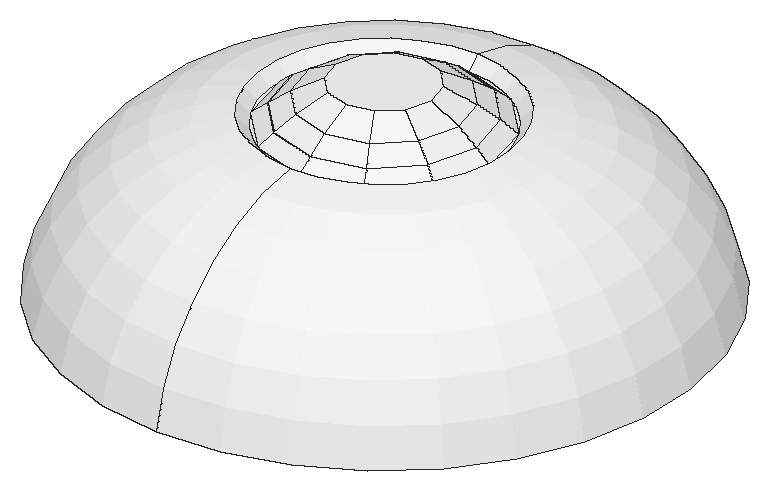
Revit family "OMNIDIA", category Communication Devices, host Face, Revit 2021
Family settings
  Host = Face
  Maintain Annotation Orientation = No
  Round Connector Dimension = Use Diameter
  Part Type = Normal
  OmniClass Number = 23.85.80.11.27
  OmniClass Title = Lighting Controls
  Cut with Voids When Loaded = No
  Shared = Yes
  Room Calculation Point = No
Parameters (values of type "OMNIDIA")
  Width = 4.50"
  Warranty = "5-Years Warranty"  # constant formula
  Voltage Rating = "24V"
  Type Comments = "CEILING MOUNT OCCUPANCY SENSORS"  # constant formula
  Product Page URL = ""
  Product Documentation Link = ""
  URL = "https://www.currentlighting.com/nxlightingcontrols"
  Mounting Height = "8 - 12 ft"
  Model = "OMNNIDIA"  # constant formula
  Manufacturer = " NX Lighting Controls"  # constant formula
  Sensing Element = Paint -  Matte White
  Features = "• IntelliDAPT® self-adaptive technology—no manual adjustment required\r\n• All-digital dual technology acoustic and passive infrared (PIR) sensor\r\n• Non-volatile memory for sensor settings\r\n• Low Voltage device: 24VDC\r\n• 450 square-foot coverage\r\n• Optional relay and photocell control\r\n• UL and cUL listed\r\n• 5 year warranty"  # constant formula
  Description = "The OMNIDIA combines passive infrared (PIR) and acoustic (sound-activated) technologies to turn lighting systems on and off based on occupancy. The OMNIDIA features Control Solutions' patented IntelliDAPT technology, which makes all the sensor adjustments automatically. Throughout the product's lifespan, smart software analyzes the controlled area and makes digital adjustments to sensitivity and timer settings. Occupancy sensors with IntelliDAPT provide a maintenance-free Install and Forget operation."  # constant formula
  Default Elevation = 48.00"
  Coverage = "450 sq ft"
  Copyright = "Copyright © NX Lighting Controls"  # constant formula
  Contact Us = ""
  Housing Material = Paint -  Matte White
  Certifications = "UL and cUL listed"
  Assembly Code = "D5090"
Reference planes (in)
  plane 1 "Center (Front/Back)": y = 10.63342
  plane 2: z = 0
  plane 3 "Center (Left/Right)": x = 0
  plane 4: x = -2.25
  plane 5: x = 2.25
  plane 6: y = 12.88342
  plane 7: y = 8.38342
  plane 8: z = 1.21
  plane 9: z = 1.5
Forms (in)
  Revolve 1, solid, material "Paint -  Matte White" <- "Housing Material"
    sketch origin (0, 10.63342, 0) x (0, 1, 0) y (0, 0, 1)
      loop
        line (0, 0) -> (2.26856, 0)
        arc (2.26856, 0) -> (1.81293, 0.86652) -> (0.93063, 1.29079) r 1.55971
        line (0.93063, 1.29079) -> (0.845, 1.20517) -> (0, 1.20517) -> (0, 0)
      axis (0, 1.29079) -> (0, 0)
    angle from 0 to 360
  Blend 2, solid, material "Paint -  Matte White" <- "Housing Material"
    base sketch origin (0, 0, 0) x (1, 0, 0) y (0, 1, 0)
      loop
        line (0, 11.47897) -> (-0.42278, 11.36569) -> (-0.73227, 11.05619) -> (-0.84555, 10.63342) -> (-0.73227, 10.21064) -> (-0.42278, 9.90115) -> (0, 9.78787) -> (0.42278, 9.90115) -> (0.73227, 10.21064) -> (0.84555, 10.63342) -> (0.73227, 11.05619) -> (0.42278, 11.36569) -> (0, 11.47897)
    top sketch origin (0, 0, 0) x (1, 0, 0) y (0, 1, 0)
      loop
        line (0, 11.36905) -> (-0.36781, 11.27049) -> (-0.63707, 11.00123) -> (-0.73563, 10.63342) -> (-0.63707, 10.26561) -> (-0.36781, 9.99635) -> (0, 9.89779) -> (0.36781, 9.99635) -> (0.63707, 10.26561) -> (0.73563, 10.63342) -> (0.63707, 11.00123) -> (0.36781, 11.27049) -> (0, 11.36905)
    from 1.20517 to 1.29079
  Blend 3, solid, material "Paint -  Matte White" <- "Sensing Element"
    base sketch origin (0, 0, 0) x (1, 0, 0) y (0, 1, 0)
      loop
        line (0, 11.36905) -> (-0.36781, 11.27049) -> (-0.63707, 11.00123) -> (-0.73563, 10.63342) -> (-0.63707, 10.26561) -> (-0.36781, 9.99635) -> (0, 9.89779) -> (0.36781, 9.99635) -> (0.63707, 10.26561) -> (0.73563, 10.63342) -> (0.63707, 11.00123) -> (0.36781, 11.27049) -> (0, 11.36905)
    top sketch origin (0, 0, 0) x (1, 0, 0) y (0, 1, 0)
      loop
        line (0, 11.22465) -> (-0.29562, 11.14544) -> (-0.51202, 10.92904) -> (-0.59124, 10.63342) -> (-0.51202, 10.3378) -> (-0.29562, 10.12139) -> (0, 10.04218) -> (0.29562, 10.12139) -> (0.51202, 10.3378) -> (0.59124, 10.63342) -> (0.51202, 10.92904) -> (0.29562, 11.14544) -> (0, 11.22465)
    from 1.29079 to 1.38718
  Blend 4, solid, material "Paint -  Matte White" <- "Sensing Element"
    base sketch origin (0, 0, 0) x (1, 0, 0) y (0, 1, 0)
      loop
        line (0, 11.22465) -> (-0.29562, 11.14544) -> (-0.51202, 10.92904) -> (-0.59124, 10.63342) -> (-0.51202, 10.3378) -> (-0.29562, 10.12139) -> (0, 10.04218) -> (0.29562, 10.12139) -> (0.51202, 10.3378) -> (0.59124, 10.63342) -> (0.51202, 10.92904) -> (0.29562, 11.14544) -> (0, 11.22465)
    top sketch origin (0, 0, 0) x (1, 0, 0) y (0, 1, 0)
      loop
        line (0, 11.00934) -> (-0.18796, 10.95897) -> (-0.32556, 10.82138) -> (-0.37592, 10.63342) -> (-0.32556, 10.44546) -> (-0.18796, 10.30786) -> (0, 10.2575) -> (0.18796, 10.30786) -> (0.32556, 10.44546) -> (0.37592, 10.63342) -> (0.32556, 10.82138) -> (0.18796, 10.95897) -> (0, 11.00934)
    from 1.38718 to 1.5
Cuts and joins
  joined: Revolve 1, Blend 2
  joined: Blend 3, Blend 4
Dimensions and locks (in)
  "Width": plane 4 to plane 5
  "Width": plane 7 to plane 6
  equal spacing: plane 4, plane 3 "Center (Left/Right)", plane 5
  equal spacing: plane 7, plane 1 "Center (Front/Back)", plane 6
  plane 8 to plane 2 = 1.21"
  plane 9 to plane 2 = 1.50"
  aligned and locked: plane 2 to host face
  aligned and locked: level to host face
  aligned and locked: Blend 2 to Revolve 1
Automatic sketch dimensions
  host sketch curve to host sketch curve = 96.00"  (x2)
  plane 1 "Center (Front/Back)" to Blend 2 sketch curve = 0.00"  (x2)
  Blend 2 sketch curve to plane 3 "Center (Left/Right)" = 0.00"  (x2)
  Blend 2 sketch curve to plane 3 "Center (Left/Right)" = 0.36781"  (x2)
  Blend 2 sketch curve to Blend 2 sketch curve = 0.26926"  (x8)
  Blend 2 sketch curve to Blend 2 sketch curve = 0.09856"  (x4)
  plane 3 "Center (Left/Right)" to Blend 2 sketch curve = 0.36781"  (x2)
  plane 1 "Center (Front/Back)" to Blend 2 sketch curve = 0.36781"  (x2)
  Blend 2 sketch curve to plane 1 "Center (Front/Back)" = 0.36781"  (x2)
  Revolve 1 sketch curve to plane 1 "Center (Front/Back)" = 0.00"  (x2)
  Revolve 1 sketch curve to level = 0.00"
  Revolve 1 sketch curve to level = 0.25596"
  Revolve 1 sketch curve to plane 1 "Center (Front/Back)" = 0.73"
  plane 8 to Revolve 1 sketch curve = 0.00483"
  Revolve 1 sketch curve to plane 6 = 0.01856"
  Revolve 1 sketch curve to plane 8 = 0.08079"
  Revolve 1 sketch curve to Revolve 1 sketch curve = 0.08563"
  Revolve 1 sketch curve to Revolve 1 sketch curve = 23.74404"
  Revolve 1 sketch curve to plane 9 = 54.02668"
Connectors (in)
  electrical at (0, 10.63342, 0)
    settings: on cut or joined group of Revolve 1, Blend 2, index 1, voltage 0 V, apparent load 0 VA, apparent load phase1 0 VA, apparent load phase2 0 VA, apparent load phase3 0 VA, power factor 1, load classification "Other", number of poles 1, system type 14, power factor state 1, is connector primary yes, connector utility no, sub classification motor no, connector description "Ceiling Mount Occupancy Sensor"
